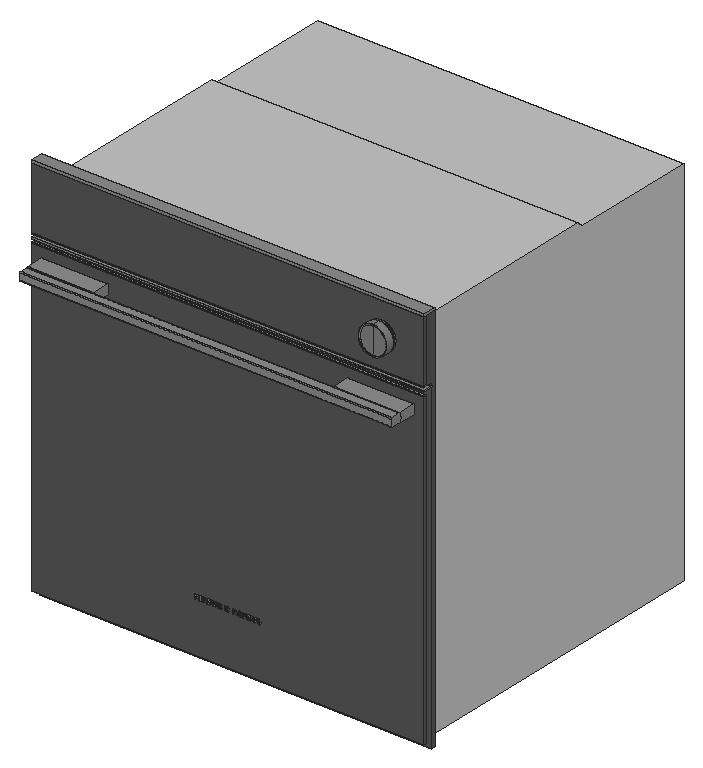
Revit family "FP-Revit19-en-OB24SMPTDB1-WallOven-0-90003137A-US-CA", category Specialty Equipment, Revit 2019
Family settings
  Round Connector Dimension = Use Diameter
  Part Type = Normal
  OmniClass Number = 23.40.40.14.17.11
  OmniClass Title = Cookers, Ovens, Stoves
  Work Plane-Based = No
  Always vertical = Yes
  Cut with Voids When Loaded = Yes
  Shared = No
  Room Calculation Point = No
Parameters (values of type "OB24SMPTDB1")
  Visibility - Clearance Required = yes
  URL = "www.fisherpaykel.com"
  Product - Height = 598 mm  # constant formula
  Product - Width = 596 mm  # constant formula
  Product - Depth (Exc. Handles) = 565 mm  # constant formula
  Opening - Height = 600 mm  # constant formula
  Model = "OB24SMPTDB1"
  Material - Trim = Fisher & Paykel - Aluminium, Dark
  Material - Structure = Fisher & Paykel - Black
  Material - Handle = Fisher & Paykel - Aluminium, Dark
  Material - Glass = Fisher & Paykel - Glass, Black
  Material - Buttons and Dials = Fisher & Paykel - Aluminium, Dark, Matt
  Material - Body = Fisher & Paykel - Grey
  Manufacturer = "Fisher & Paykel Appliances"
  FFL Offset [instance] = 915 mm
  Description = "Oven, 24\", 16 Function, Self-cleaning"
  Connector Description - Electrical = "208–240V, 60Hz, 16.6 - 19.4A"
  Chassis - Width = 556 mm  # constant formula
  Chassis - Height = 575 mm  # constant formula
  Chassis - Depth = 545 mm  # constant formula
  Cavity - Width = 560 mm  # constant formula
  Cavity - Height = 580 mm  # constant formula
  Cavity - Depth = 550 mm  # constant formula
Reference planes
  plane 1 "Datum": y = 0
  plane 2: z = -2
  plane 3 "Center (Left/Right)": x = 0
  plane 4 "Product - LHS": x = -298
  plane 5 "Product - RHS": x = 298
  plane 6 "Cavity - RHS": x = 280
  plane 7 "FFL Offset": z = 913
  plane 8 "Chassis - Depth": y = 545
  plane 9 "Front Face": y = -20
  plane 10 "Chassis - Height": z = 1488
  plane 11 "Cavity - Height": z = 1493
  plane 12 "Opening - Height": z = 1513
  plane 13 "Cavity - LHS": x = -280
  plane 14 "Cavity - Depth": y = 550
  plane 15 "Product - Height": z = 1511
  plane 16 "Opening - RHS": x = 300
  plane 17 "Opening - LHS": x = -300
  plane 18 "Chassis - RHS": x = 278
  plane 19 "Chassis - LHS": x = -278
Forms (mm)
  Extrusion 1, solid, material "Fisher & Paykel - Grey" <- "Material - Body"
    sketch origin (0, 0, 0) x (0, 1, 0) y (0, 0, 1)
      loop
        line (0, 1488) -> (0, 913) -> (528, 913) -> (528, 1103) -> (545, 1123) -> (545, 1318) -> (498, 1373) -> (498, 1481) -> (305, 1481) -> (298, 1488) -> (0, 1488)
    from -278 to 278
  Extrusion 2, solid, material "Fisher & Paykel - Black" <- "Material - Structure", detail levels fine
    sketch origin (0, 0, 0) x (0, 1, 0) y (0, 0, 1)
      loop
        line (0, 1507.7) -> (-16, 1507.7) -> (-16, 1411) -> (-4, 1411) -> (-4, 913) -> (0, 913) -> (0, 1507.7)
    from -298 to 298
  Extrusion 3, solid, material "Fisher & Paykel - Glass, Black" <- "Material - Glass", detail levels fine
    sketch origin (0, 0, -3) x (0, 1, 0) y (0, 0, 1)
      loop
        line (-20, 1401.4) -> (-20, 927.5) -> (-16, 927.5) -> (-16, 1401.4) -> (-20, 1401.4)
      loop
        line (-20, 1415.6) -> (-16, 1415.6) -> (-16, 1510.7) -> (-20, 1510.7) -> (-20, 1415.6)
    from -298 to 298
  Extrusion 4, solid, material "Fisher & Paykel - Black" <- "Material - Structure", detail levels fine
    sketch origin (0, 0, 0) x (0, 1, 0) y (0, 0, 1)
      loop
        line (-16, 924.5) -> (-4, 924.5) -> (-4, 1395.364) -> (-13.99, 1399) -> (-16, 1399) -> (-16, 924.5)
    from -268 to 268
  Extrusion 5, solid, material "Fisher & Paykel - Clearance Required", visible <- "Visibility - Clearance Required", detail levels coarse
    sketch origin (0, 0, -2) x (1, 0, 0) y (0, 1, 0)
      loop
        line (-280, 0) -> (280, 0) -> (280, 550) -> (-280, 550) -> (-280, 0)
    from 915 to 1495
  Extrusion 6, void
    sketch origin (0, 0, 0) x (0, 1, 0) y (0, 0, 1)
      loop
        line (-20, 913) -> (0, 913) -> (0, 1513) -> (-20, 1513) -> (-20, 913)
    from -300 to 300
  Extrusion 7, solid, material "Fisher & Paykel - Aluminium, Dark" <- "Material - Trim", detail levels fine
    sketch origin (0, 0, -1.199) x (0, 1, 0) y (0, 0, 1)
      loop
        line (-16, 1412.199) -> (-16, 1413.799) -> (-20, 1413.799) -> (-20, 1412.199) -> (-16, 1412.199)
      loop
        line (-16, 1399.599) -> (-16, 1401.199) -> (-20, 1401.199) -> (-20, 1399.599) -> (-16, 1399.599)
      loop
        line (-4, 1405.799) -> (-4, 1407.399) -> (-20, 1407.399) -> (-20, 1405.799) -> (-4, 1405.799)
      loop
        line (0, 1508.899) -> (0, 1512.199) -> (-20, 1512.199) -> (-20, 1508.899) -> (0, 1508.899)
    from -298 to 298
  Extrusion 8, void
    sketch origin (0, 0, -2) x (1, 0, 0) y (0, 1, 0)
      loop
        line (201.865, 545) -> (229, 498) -> (278, 498) -> (278, 545) -> (201.865, 545)
      loop
        line (-201.865, 545) -> (-278, 545) -> (-278, 498) -> (-229, 498) -> (-201.865, 545)
    from 915 to 1495
  Extrusion 9, void
    sketch origin (0, 0, -2) x (1, 0, 0) y (0, 1, 0)
      loop
        line (-280, 0) -> (280, 0) -> (280, 550) -> (-280, 550) -> (-280, 0)
    from 915 to 1495
  Extrusion 10, solid, material "Fisher & Paykel - Glass, Black" <- "Material - Glass", detail levels coarse+medium
    sketch origin (0, 0, 0) x (0, 1, 0) y (0, 0, 1)
      loop
        line (-20, 1511) -> (-20, 1411) -> (-4, 1411) -> (-4, 1395.364) -> (-13.99, 1399) -> (-16, 1399) -> (-16, 1400) -> (-20, 1400) -> (-20, 924.5) -> (-4, 924.5) -> (-4, 913) -> (0, 913) -> (0, 1511) -> (-20, 1511)
    from -298 to 298
  Extrusion 11, solid, material "Fisher & Paykel - Clearance Required", visible <- "Visibility - Clearance Required", detail levels coarse
    sketch origin (0, 0, 0) x (0, 1, 0) y (0, 0, 1)
      loop
        line (-20, 946.639) -> (-20, 913) -> (0, 913) -> (0, 1513) -> (-20, 1513) -> (-20, 1400)
        arc (-20, 1400) -> (-332.479, 1274.952) -> (-475.335, 970.203) r 458.415
        line (-475.335, 970.203) -> (-461.431, 969.484) -> (-463.168, 935.896) -> (-450.381, 935.235) -> (-448.645, 968.805) -> (-20, 946.639)
    from -300 to 300
Cuts and joins
  Extrusion 8 cuts Extrusion 1
Text (mm)
  text "Due to ongoing product development, product details are subject to change without notice. \nPlease always refer to www.fisherpaykel.com for the most current product information. \n© Fisher & Paykel 2020" at (41.04, -613.295, 0), in view "Ref. Level (Plan)"
Dimensions and locks
  equal spacing: plane 4 "Product - LHS", plane 3 "Center (Left/Right)", plane 5 "Product - RHS"
  "Product - Width": plane 4 "Product - LHS" to plane 5 "Product - RHS"
  "FFL Offset": plane 7 "FFL Offset" to level
  locked: plane 9 "Front Face" to plane 1 "Datum" at 20
  "Cavity - Height": plane 11 "Cavity - Height" to plane 7 "FFL Offset"
  "Chassis - Height": plane 10 "Chassis - Height" to plane 7 "FFL Offset"
  "Cavity - Depth": plane 1 "Datum" to plane 14 "Cavity - Depth"
  "Cavity - Width": plane 13 "Cavity - LHS" to plane 6 "Cavity - RHS"
  Extrusion 6 to Extrusion 3 = 11.5 mm
  "Chassis - Depth": plane 1 "Datum" to plane 8 "Chassis - Depth"
  equal spacing: plane 13 "Cavity - LHS", plane 3 "Center (Left/Right)", plane 6 "Cavity - RHS"
  "Opening - Height": plane 7 "FFL Offset" to plane 12 "Opening - Height"
  "Product - Height": plane 7 "FFL Offset" to plane 15 "Product - Height"
  equal spacing: cut or joined group of Extrusion 1, Extrusion 8, plane 3 "Center (Left/Right)", cut or joined group of Extrusion 1, Extrusion 8
  "Chassis - Width": cut or joined group of Extrusion 1, Extrusion 8 to cut or joined group of Extrusion 1, Extrusion 8
  locked: nested 1 to plane 15 "Product - Height" at 129.028
  locked: plane 15 "Product - Height" to nested 3 at 502.847
  plane 9 "Front Face" to plane 8 "Chassis - Depth" = 565 mm
  locked: nested 4 to plane 15 "Product - Height" at 52.15
  locked: nested 2 to plane 15 "Product - Height" at 135
  aligned and locked: level to plane 2
  aligned and locked: plane 4 "Product - LHS" to Extrusion 3
  aligned and locked: Extrusion 3 to plane 5 "Product - RHS"
  aligned and locked: plane 4 "Product - LHS" to Extrusion 2
  aligned and locked: Extrusion 2 to plane 5 "Product - RHS"
  aligned and locked: Extrusion 1 to plane 7 "FFL Offset"
  aligned and locked: Extrusion 7 to plane 5 "Product - RHS"
  aligned and locked: Extrusion 7 to Extrusion 3  (x2)
  aligned and locked: Extrusion 6 to Extrusion 3  (x2)
  aligned and locked: Extrusion 3 to Extrusion 7
  aligned and locked: Extrusion 4 to Extrusion 3
  aligned and locked: Extrusion 4 to Extrusion 2
  aligned and locked: Extrusion 7 to plane 1 "Datum"
  aligned and locked: plane 9 "Front Face" to Extrusion 6
  aligned and locked: Extrusion 5 to plane 6 "Cavity - RHS"
  aligned and locked: plane 11 "Cavity - Height" to Extrusion 5
  aligned and locked: Extrusion 6 to plane 12 "Opening - Height"
  aligned and locked: Extrusion 6 to Extrusion 2
  aligned and locked: Extrusion 7 to plane 15 "Product - Height"
  aligned and locked: Extrusion 7 to Extrusion 2
  aligned and locked: Extrusion 8 to Extrusion 1
  aligned and locked: Extrusion 5 to Extrusion 2
  aligned and locked: Extrusion 5 to plane 7 "FFL Offset"
  aligned and locked: Extrusion 5 to Extrusion 8
  aligned and locked: Extrusion 1 to Extrusion 8
  aligned and locked: Extrusion 9 to Extrusion 5
  aligned and locked: Extrusion 2 to Extrusion 9
  aligned and locked: Extrusion 6 to plane 7 "FFL Offset"
  aligned and locked: Extrusion 2 to plane 7 "FFL Offset"
  aligned and locked: plane 4 "Product - LHS" to Extrusion 10
  aligned and locked: Extrusion 10 to plane 15 "Product - Height"
  aligned and locked: Extrusion 3 to Extrusion 4
  aligned and locked: Extrusion 10 to plane 5 "Product - RHS"
  aligned and locked: Extrusion 10 to Extrusion 2
Automatic sketch dimensions
  Extrusion 1 sketch curve to plane 1 "Datum" = 0 mm
  Extrusion 1 sketch curve to plane 10 "Chassis - Height" = 0 mm
  Extrusion 1 sketch curve to plane 7 "FFL Offset" = 0 mm
  Extrusion 1 sketch curve to plane 8 "Chassis - Depth" = 0 mm
  Extrusion 1 sketch curve to Extrusion 1 sketch curve = 7 mm
  Extrusion 1 sketch curve to plane 10 "Chassis - Height" = 7 mm
  plane 7 "FFL Offset" to Extrusion 1 sketch curve = 190 mm
  Extrusion 1 sketch curve to Extrusion 1 sketch curve = 20 mm
  Extrusion 1 sketch curve to Extrusion 1 sketch curve = 163 mm
  Extrusion 1 sketch curve to Extrusion 1 sketch curve = 55 mm
  Extrusion 2 sketch curve to plane 7 "FFL Offset" = 0 mm
  Extrusion 2 sketch curve to plane 1 "Datum" = 0 mm
  plane 1 "Datum" to Extrusion 2 sketch curve = 4 mm
  Extrusion 2 sketch curve to plane 9 "Front Face" = 4 mm
  Extrusion 2 sketch curve to plane 10 "Chassis - Height" = 77 mm
  plane 15 "Product - Height" to Extrusion 2 sketch curve = 3.3 mm
  Extrusion 3 sketch curve to plane 9 "Front Face" = 0 mm  (x2)
  Extrusion 3 sketch curve to Extrusion 3 sketch curve = 4 mm  (x2)
  plane 7 "FFL Offset" to Extrusion 3 sketch curve = 11.5 mm
  Extrusion 3 sketch curve to plane 10 "Chassis - Height" = 89.6 mm
  Extrusion 3 sketch curve to Extrusion 3 sketch curve = 14.2 mm
  plane 15 "Product - Height" to Extrusion 3 sketch curve = 3.3 mm
  Extrusion 4 sketch curve to plane 9 "Front Face" = 4 mm
  Extrusion 4 sketch curve to Extrusion 4 sketch curve = 2.01 mm
  plane 1 "Datum" to Extrusion 4 sketch curve = 4 mm
  plane 7 "FFL Offset" to Extrusion 4 sketch curve = 11.5 mm
  Extrusion 4 sketch curve to plane 10 "Chassis - Height" = 92.636 mm
  Extrusion 4 sketch curve to Extrusion 4 sketch curve = 3.636 mm
  Extrusion 5 sketch curve to plane 13 "Cavity - LHS" = 0 mm
  Extrusion 5 sketch curve to plane 6 "Cavity - RHS" = 0 mm
  plane 1 "Datum" to Extrusion 5 sketch curve = 0 mm
  Extrusion 5 sketch curve to plane 14 "Cavity - Depth" = 0 mm
  Extrusion 6 sketch curve to plane 9 "Front Face" = 0 mm
  Extrusion 6 sketch curve to plane 1 "Datum" = 0 mm
  Extrusion 6 sketch curve to plane 7 "FFL Offset" = 0 mm
  plane 12 "Opening - Height" to Extrusion 6 sketch curve = 0 mm
  Extrusion 7 sketch curve to plane 9 "Front Face" = 0 mm  (x4)
  Extrusion 7 sketch curve to plane 1 "Datum" = 0 mm
  plane 15 "Product - Height" to Extrusion 7 sketch curve = 0 mm
  Extrusion 7 sketch curve to Extrusion 7 sketch curve = 4 mm  (x2)
  plane 1 "Datum" to Extrusion 7 sketch curve = 4 mm
  plane 15 "Product - Height" to Extrusion 7 sketch curve = 3.3 mm
  Extrusion 7 sketch curve to plane 10 "Chassis - Height" = 75.4 mm
  Extrusion 7 sketch curve to Extrusion 7 sketch curve = 1.6 mm  (x3)
  Extrusion 7 sketch curve to Extrusion 7 sketch curve = 4.8 mm
  Extrusion 7 sketch curve to Extrusion 7 sketch curve = 4.6 mm
  Extrusion 8 sketch curve to plane 8 "Chassis - Depth" = 0 mm  (x2)
  Extrusion 8 sketch curve to plane 19 "Chassis - LHS" = 0 mm
  Extrusion 8 sketch curve to plane 18 "Chassis - RHS" = 0 mm
  Extrusion 8 sketch curve to Extrusion 8 sketch curve = 49 mm  (x2)
  Extrusion 8 sketch curve to Extrusion 8 sketch curve = 27.135 mm
  Extrusion 8 sketch curve to Extrusion 8 sketch curve = 76.135 mm
  Extrusion 9 sketch curve to plane 13 "Cavity - LHS" = 0 mm
  Extrusion 9 sketch curve to plane 6 "Cavity - RHS" = 0 mm
  plane 1 "Datum" to Extrusion 9 sketch curve = 0 mm
  Extrusion 9 sketch curve to plane 14 "Cavity - Depth" = 0 mm
  Extrusion 10 sketch curve to plane 9 "Front Face" = 0 mm  (x2)
  Extrusion 10 sketch curve to plane 7 "FFL Offset" = 0 mm
  Extrusion 10 sketch curve to plane 1 "Datum" = 0 mm
  plane 15 "Product - Height" to Extrusion 10 sketch curve = 0 mm
  Extrusion 10 sketch curve to plane 9 "Front Face" = 4 mm
  Extrusion 10 sketch curve to Extrusion 10 sketch curve = 2.01 mm
  plane 1 "Datum" to Extrusion 10 sketch curve = 4 mm  (x2)
  Extrusion 10 sketch curve to Extrusion 10 sketch curve = 11.5 mm
  Extrusion 10 sketch curve to plane 10 "Chassis - Height" = 92.636 mm
  Extrusion 10 sketch curve to Extrusion 10 sketch curve = 3.636 mm
  Extrusion 10 sketch curve to Extrusion 10 sketch curve = 1 mm
  Extrusion 10 sketch curve to Extrusion 10 sketch curve = 12 mm
  plane 9 "Front Face" to Extrusion 11 sketch curve = 455.335 mm
  plane 12 "Opening - Height" to Extrusion 11 sketch curve = 577.104 mm
  Extrusion 11 sketch curve to Extrusion 11 sketch curve = 12.167 mm
  plane 12 "Opening - Height" to Extrusion 11 sketch curve = 543.516 mm
  Extrusion 11 sketch curve to Extrusion 11 sketch curve = 13.904 mm
  plane 12 "Opening - Height" to Extrusion 11 sketch curve = 577.765 mm
  plane 12 "Opening - Height" to Extrusion 11 sketch curve = 544.195 mm
  plane 9 "Front Face" to Extrusion 11 sketch curve = 0 mm  (x2)
  Extrusion 11 sketch curve to Extrusion 11 sketch curve = 2.186 mm
  Extrusion 11 sketch curve to Extrusion 11 sketch curve = 20 mm
  Extrusion 11 sketch curve to Extrusion 11 sketch curve = 33.639 mm
  Extrusion 11 sketch curve to Extrusion 11 sketch curve = 5.049 mm
  Extrusion 11 sketch curve to Extrusion 11 sketch curve = 113 mm
  Extrusion 1 sketch curve to plane 8 "Chassis - Depth" = 247 mm
  Extrusion 1 sketch curve to plane 8 "Chassis - Depth" = 47 mm
  Extrusion 1 sketch curve to plane 8 "Chassis - Depth" = 17 mm
  Extrusion 8 sketch curve to plane 8 "Chassis - Depth" = 47 mm  (x2)
Nested families
  nested 1: "F&P Power Connection Oven" at (-238.509, 523.004, 1424) x (0, -1, 0) z (0, 0, 1), type "F&P Power Connection Oven"
  nested 2: "F&P Handle Contemporary Square Fine OB60-24" at (0, -20, 1376.022), type "Aluminium Black"
  nested 3: "F&P Logo 100mm" at (0.044, -20, 1002), type "Grey"
  nested 4: "F&P Dial Minimal Oven" at (233, -20, 1458.95), type "F&P Dial Minimal Oven"
Connectors
  electrical at (-238.509, 498, 1424), driven by "Connector Description - Electrical"
    settings: on nested 1, index 1, voltage 120 V, apparent load 0 VA, apparent load phase1 0 VA, apparent load phase2 0 VA, apparent load phase3 0 VA, power factor 1, load classification "Other", number of poles 1, system type 30, power factor state 1, is connector primary yes, connector utility no, sub classification motor no, connector description "208–240V, 60Hz, 16.6 - 19.4A"
Definition of nested family "F&P Power Connection Oven"
  Parameters (values of type "F&P Power Connection Cooktop")
    URL = "www.fisherpaykel.com"
    Model = ""
    Material - Body = none
    Manufacturer = "Fisher & Paykel Appliances"
    Description = ""
  Reference planes
    plane 1 "Center (Front/Back)": y = 0
    plane 2: z = 0
    plane 3 "Center (Left/Right)": x = 0
    plane 4 "Cable": y = 0
  Forms (mm)
    Revolve 1, solid, material <- "Material - Body"
      sketch origin (-0.023, -399.847, 84.822) x (0, 1, 0) y (0, 0, -1)
        loop
          line (399.847, 73.156) -> (399.847, 126.85) -> (388.182, 126.85) -> (388.182, 84.821)
          arc (388.182, 84.821) -> (391.598, 76.573) -> (399.847, 73.156) r 11.665
        axis (399.847, 73.156) -> (399.847, 126.85)
      angle from 0 to 360
    Revolve 2, solid, material <- "Material - Body"
      sketch origin (399.232, 0, 534.575) x (-1, 0, 0) y (0, 0, 1)
        loop
          line (374.229, -522.91) -> (374.229, -534.575) -> (410.733, -534.575)
          arc (410.733, -534.575) -> (407.312, -526.326) -> (399.061, -522.91) r 11.672
          line (399.061, -522.91) -> (374.229, -522.91)
        axis (374.229, -534.575) -> (410.733, -534.575)
      angle from 0 to 360
    Revolve 3, solid, material <- "Material - Body", detail levels fine
      sketch origin (0, 0.009, -36.5) x (1, 0, 0) y (0, -1, 0)
        loop
          line (-6, -15.491) -> (9, -15.491) -> (9, -13.132) -> (-4, -13.132) -> (-4, -11.491) -> (-6, -11.491) -> (-6, -15.491)
        axis (-6, -15.491) -> (9, -15.491)
      angle from 0 to 360
    Extrusion 4, solid, material <- "Material - Body", detail levels fine
      sketch origin (0, 0.206, -626.022) x (0, 1, 0) y (0, 0, 1)
        loop
          line (-10.988, 595.022) -> (-15.706, 595.022)
          arc (-15.706, 595.022) -> (-21.206, 589.522) -> (-15.706, 584.022) r 5.5
          line (-15.706, 584.022) -> (-10.988, 584.022) -> (-10.988, 595.022)
      from -4 to 0
    Extrusion 5, solid, material <- "Material - Body", detail levels fine
      sketch origin (0, -0.206, -626.022) x (0, -1, 0) y (0, 0, -1)
        loop
          line (-11.044, -595.022) -> (-11.044, -584.022) -> (-15.706, -584.022)
          arc (-15.706, -584.022) -> (-21.206, -589.522) -> (-15.706, -595.022) r 5.5
          line (-15.706, -595.022) -> (-11.044, -595.022)
      from -4 to 0
    Revolve 6, solid, material <- "Material - Body", detail levels fine
      sketch origin (0, -0.009, -36.5) x (1, 0, 0) y (0, 1, 0)
        loop
          line (-6, -15.491) -> (9, -15.491) -> (9, -13.132) -> (-4, -13.132) -> (-4, -11.491) -> (-6, -11.491) -> (-6, -15.491)
        axis (-6, -15.491) -> (9, -15.491)
      angle from 0 to 360
  Text (mm)
    text "Due to ongoing product development, product details are subject to change without notice. \nPlease always refer to www.fisherpaykel.com for the most current product information. \n© Fisher & Paykel 2020" at (41.04, -387.478, 0), in view "Ref. Level (Plan)"
  Dimensions and locks
    aligned and locked: level to plane 2
Definition of nested family "F&P Handle Contemporary Square Fine OB60-24"
  Parameters (values of type "Aluminium Black")
    URL = "www.fisherpaykel.com"
    Material - Handle = none
    Manufacturer = "Fisher & Paykel Appliances"
    Handle - Length = 565 mm
  Reference planes
    plane 1 "Center (Front/Back)": y = 0
    plane 2: z = 0
    plane 3 "Center (Left/Right)": x = 0
    plane 4 "Product LHS": x = -282.5
    plane 5 "Product RHS": x = 282.5
    plane 6 "LHS Standoff": x = -182.495
    plane 7 "RHS Standoff": x = 182.505
    plane 8 "Handle centre": z = -0.022
    plane 9: z = -0.022
  Forms (mm)
    Extrusion 1, solid, material <- "Material - Handle", detail levels fine
      sketch origin (0, 0, 0) x (0, 1, 0) y (0, 0, 1)
        loop
          arc (-26.813, 6.16) -> (-27.196, 6.554) -> (-27.728, 6.686) r 1
          line (-27.728, 6.686) -> (-40.035, 6.256)
          arc (-40.035, 6.256) -> (-40.719, 5.951) -> (-41, 5.257) r 1
          line (-41, 5.257) -> (-41, -5.257)
          arc (-41, -5.257) -> (-40.719, -5.951) -> (-40.035, -6.256) r 1
          line (-40.035, -6.256) -> (-27.709, -6.686)
          arc (-27.709, -6.686) -> (-27.175, -6.554) -> (-26.792, -6.158) r 1
          arc (-26.792, -6.158) -> (-25.256, 0.004) -> (-26.813, 6.16) r 13.038
      from -282.5 to 282.5
    Extrusion 2, solid, material <- "Material - Handle", detail levels fine
      sketch origin (0, 0, 0) x (0, 1, 0) y (0, 0, 1)
        loop
          arc (-26.626, -6.008) -> (-26.614, -6.49) -> (-26.2, -6.737) r 0.5
          line (-26.2, -6.737) -> (0, -7.696) -> (0, 7.704) -> (-26.174, 6.747)
          arc (-26.174, 6.747) -> (-26.587, 6.5) -> (-26.6, 6.019) r 0.5
          arc (-26.6, 6.019) -> (-25.156, 0.002) -> (-26.626, -6.008) r 13.136
      from 182.505 to 282.5
    Extrusion 3, solid, material <- "Material - Handle", detail levels coarse+medium
      sketch origin (0, 0, 0) x (1, 0, 0) y (0, 1, 0)
        loop
          line (-282.5, -42) -> (282.5, -42) -> (282.5, 0) -> (182.505, 0) -> (182.505, -26.156) -> (-182.495, -26.156) -> (-182.495, 0) -> (-282.5, 0) -> (-282.5, -42)
      from -8.022 to 7.978
    Extrusion 4, solid, material <- "Material - Handle", detail levels fine
      sketch origin (0, 0, 0) x (0, 1, 0) y (0, 0, 1)
        loop
          arc (-26.626, -6.008) -> (-26.614, -6.49) -> (-26.2, -6.737) r 0.5
          line (-26.2, -6.737) -> (0, -7.696) -> (0, 7.704) -> (-26.174, 6.747)
          arc (-26.174, 6.747) -> (-26.587, 6.5) -> (-26.6, 6.019) r 0.5
          arc (-26.6, 6.019) -> (-25.156, 0.002) -> (-26.626, -6.008) r 13.136
      from -282.5 to -182.495
  Dimensions and locks
    equal spacing: plane 4 "Product LHS", plane 3 "Center (Left/Right)", plane 5 "Product RHS"
    "Handle - Length": plane 4 "Product LHS" to plane 5 "Product RHS"
    locked: plane 4 "Product LHS" to plane 6 "LHS Standoff" at 100.005
    locked: plane 7 "RHS Standoff" to plane 5 "Product RHS" at 99.995
    aligned and locked: level to plane 2
    aligned and locked: Extrusion 1 to plane 5 "Product RHS"
    aligned and locked: plane 4 "Product LHS" to Extrusion 1
    aligned and locked: Extrusion 2 to plane 5 "Product RHS"
    aligned and locked: plane 4 "Product LHS" to Extrusion 3 sketch curve
    aligned and locked: Extrusion 3 sketch curve to plane 5 "Product RHS"
    aligned and locked: Extrusion 3 sketch curve to plane 7 "RHS Standoff"
    aligned and locked: plane 6 "LHS Standoff" to Extrusion 3 sketch curve
    aligned and locked: plane 4 "Product LHS" to Extrusion 4
    aligned and locked: plane 6 "LHS Standoff" to Extrusion 4
    aligned and locked: Extrusion 2 to plane 7 "RHS Standoff"
  Automatic sketch dimensions
    Extrusion 1 sketch curve to level = 5.257 mm
    plane 1 "Center (Front/Back)" to Extrusion 1 sketch curve = 41 mm
    level to Extrusion 1 sketch curve = 6.256 mm
    Extrusion 1 sketch curve to Extrusion 1 sketch curve = 0.965 mm  (x2)
    Extrusion 1 sketch curve to level = 6.256 mm
    Extrusion 1 sketch curve to Extrusion 1 sketch curve = 0.035 mm  (x3)
    Extrusion 1 sketch curve to level = 0.018 mm
    Extrusion 1 sketch curve to Extrusion 1 sketch curve = 1.706 mm
    level to Extrusion 1 sketch curve = 6.686 mm
    Extrusion 1 sketch curve to Extrusion 1 sketch curve = 12.307 mm
    Extrusion 1 sketch curve to level = 6.686 mm
    Extrusion 1 sketch curve to Extrusion 1 sketch curve = 12.326 mm
    Extrusion 1 sketch curve to Extrusion 1 sketch curve = 0.999 mm  (x2)
    Extrusion 1 sketch curve to Extrusion 1 sketch curve = 0 mm
    Extrusion 2 sketch curve to plane 1 "Center (Front/Back)" = 0 mm
    level to Extrusion 2 sketch curve = 6.247 mm
    plane 1 "Center (Front/Back)" to Extrusion 2 sketch curve = 26.155 mm
    level to Extrusion 2 sketch curve = 6.747 mm
    Extrusion 2 sketch curve to Extrusion 2 sketch curve = 0.018 mm  (x2)
    Extrusion 2 sketch curve to level = 6.238 mm
    Extrusion 2 sketch curve to Extrusion 2 sketch curve = 0.026 mm
    Extrusion 2 sketch curve to level = 6.737 mm
    level to Extrusion 2 sketch curve = 0.03 mm
    Extrusion 2 sketch curve to Extrusion 2 sketch curve = 12.11 mm
    Extrusion 2 sketch curve to level = 7.696 mm
    level to Extrusion 2 sketch curve = 7.704 mm
    Extrusion 2 sketch curve to Extrusion 2 sketch curve = 0 mm
    plane 1 "Center (Front/Back)" to Extrusion 3 sketch curve = 42 mm
    Extrusion 3 sketch curve to Extrusion 3 sketch curve = 15.844 mm
    Extrusion 3 sketch curve to Extrusion 3 sketch curve = 26.156 mm  (x2)
    level to Extrusion 4 sketch curve = 0.03 mm
    plane 1 "Center (Front/Back)" to Extrusion 4 sketch curve = 38.291 mm
    Extrusion 4 sketch curve to level = 6.737 mm
    Extrusion 4 sketch curve to Extrusion 4 sketch curve = 12.091 mm
    Extrusion 4 sketch curve to Extrusion 4 sketch curve = 0.018 mm  (x2)
    level to Extrusion 4 sketch curve = 6.747 mm
    Extrusion 4 sketch curve to Extrusion 4 sketch curve = 0.008 mm
    level to Extrusion 4 sketch curve = 7.704 mm
    Extrusion 4 sketch curve to Extrusion 4 sketch curve = 26.174 mm
    Extrusion 4 sketch curve to level = 7.696 mm
    Extrusion 4 sketch curve to Extrusion 4 sketch curve = 0.5 mm  (x2)
    Extrusion 4 sketch curve to Extrusion 4 sketch curve = 0 mm
Definition of nested family "F&P Logo 100mm"
  Parameters (values of type "Grey")
    URL = "www.fisherpaykel.com"
    Material - Logo = none
    Manufacturer = "Fisher & Paykel Appliances"
  Reference planes
    plane 1 "Center (Front/Back)": y = 0
    plane 2: z = 0
    plane 3 "Center (Left/Right)": x = 0
  Forms (mm)
    Extrusion 1, solid, material <- "Material - Logo", detail levels fine
      sketch origin (0, 0, 0) x (1, 0, 0) y (0, 0, 1)
        loop
          line (-50.044, 0) -> (-48.47, 0) -> (-48.47, 2.138) -> (-46.011, 2.138) -> (-46.011, 3.472) -> (-48.47, 3.472) -> (-48.47, 4.712) -> (-45.795, 4.712) -> (-45.795, 6.04) -> (-50.044, 6.04) -> (-50.044, 0)
        loop
          line (-42.804, 6.04) -> (-42.804, 0) -> (-41.23, 0) -> (-41.23, 6.04) -> (-42.804, 6.04)
        loop
          line (-30.724, 6.04) -> (-30.724, 0) -> (-29.151, 0) -> (-29.151, 2.42) -> (-26.839, 2.42) -> (-26.839, 0) -> (-25.265, 0) -> (-25.265, 6.04) -> (-26.839, 6.04) -> (-26.839, 3.748) -> (-29.151, 3.748) -> (-29.151, 6.04) -> (-30.724, 6.04)
        loop
          line (-21.906, 6.04) -> (-21.906, 0) -> (-17.602, 0) -> (-17.602, 1.328) -> (-20.347, 1.328) -> (-20.347, 2.42) -> (-17.838, 2.42) -> (-17.838, 3.748) -> (-20.347, 3.748) -> (-20.347, 4.712) -> (-17.602, 4.712) -> (-17.602, 6.04) -> (-21.906, 6.04)
        loop
          line (45.667, 6.04) -> (45.667, 0) -> (49.956, 0) -> (49.956, 1.328) -> (47.241, 1.328) -> (47.241, 6.04) -> (45.667, 6.04)
        loop
          line (42.431, 6.04) -> (38.112, 6.04) -> (38.112, 0) -> (42.431, 0) -> (42.431, 1.328) -> (39.687, 1.328) -> (39.687, 2.42) -> (42.195, 2.42) -> (42.195, 3.748) -> (39.687, 3.748) -> (39.687, 4.712) -> (42.431, 4.712) -> (42.431, 6.04)
        loop
          line (33.451, 3.148) -> (35.683, 6.04) -> (33.844, 6.04) -> (31.915, 3.542) -> (31.915, 6.04) -> (30.342, 6.04) -> (30.342, 0) -> (31.915, 0) -> (31.915, 2.705) -> (33.903, 0) -> (35.763, 0) -> (33.451, 3.148)
        loop
          line (21.98, 6.04) -> (24.262, 2.42) -> (24.262, 0) -> (25.837, 0) -> (25.837, 2.341) -> (28.119, 6.04) -> (26.446, 6.04) -> (25.099, 3.707) -> (23.753, 6.04) -> (21.98, 6.04)
        loop
          line (18.479, 6.04) -> (16.983, 6.04) -> (14.524, 0) -> (16.069, 0) -> (16.501, 1.112) -> (18.921, 1.112) -> (19.354, 0) -> (20.938, 0) -> (18.479, 6.04)
        loop
          line (18.4, 2.439) -> (17.693, 4.174) -> (17.018, 2.439) -> (18.4, 2.439)
        loop
          line (8.031, 6.04) -> (8.031, 0) -> (9.605, 0) -> (9.605, 1.938) -> (10.599, 1.938)
          arc (10.599, 1.938) -> (12.65, 3.989) -> (10.599, 6.04) r 2.051
          line (10.599, 6.04) -> (8.031, 6.04)
        loop
          line (9.605, 4.712) -> (9.605, 3.197) -> (10.501, 3.197)
          arc (10.501, 3.197) -> (11.259, 3.954) -> (10.501, 4.712) r 0.757
          line (10.501, 4.712) -> (9.605, 4.712)
        loop
          line (-11.783, 6.04) -> (-14.366, 6.04) -> (-14.366, 0) -> (-12.792, 0) -> (-12.792, 1.336) -> (-11.992, 1.336) -> (-10.972, 0) -> (-9.153, 0) -> (-10.694, 1.973)
          arc (-10.694, 1.973) -> (-9.678, 4.424) -> (-11.783, 6.04) r 2.179
        loop
          line (-11.897, 4.712) -> (-12.792, 4.712) -> (-12.792, 3.053) -> (-11.897, 3.053)
          arc (-11.897, 3.053) -> (-11.068, 3.882) -> (-11.897, 4.712) r 0.83
        loop
          line (0.477, 4.712) -> (0.477, 6.153) -> (-3.575, 6.153) -> (-3.575, 4.851) -> (-2.974, 4.112)
          arc (-2.974, 4.112) -> (-3.51, 0.684) -> (-0.045, 0.512) r 2.334
          line (-0.045, 0.512) -> (0.46, -0.109) -> (2.246, -0.109) -> (0.86, 1.594) -> (2.061, 3.324) -> (0.443, 3.324) -> (-0.013, 2.667) -> (-1.677, 4.712) -> (0.477, 4.712)
        loop
          arc (-2.125, 3.068) -> (-2.269, 1.668) -> (-0.868, 1.524) r 0.996
          line (-0.868, 1.524) -> (-2.125, 3.068)
        loop
          line (-35.18, 3.634) -> (-36.516, 3.91)
          arc (-36.516, 3.91) -> (-37.049, 4.443) -> (-36.516, 4.976) r 0.533
          arc (-36.516, 4.976) -> (-35.235, 4.79) -> (-34.059, 4.248) r 4.505
          line (-34.059, 4.248) -> (-34.059, 5.743)
          arc (-34.059, 5.743) -> (-35.549, 6.179) -> (-37.1, 6.109) r 4.726
          arc (-37.1, 6.109) -> (-38.536, 4.335) -> (-37.1, 2.561) r 1.814
          line (-37.1, 2.561) -> (-35.754, 2.282)
          arc (-35.754, 2.282) -> (-35.221, 1.749) -> (-35.754, 1.216) r 0.533
          arc (-35.754, 1.216) -> (-37.035, 1.402) -> (-38.211, 1.945) r 4.505
          line (-38.211, 1.945) -> (-38.211, 0.449)
          arc (-38.211, 0.449) -> (-36.72, 0.013) -> (-35.169, 0.083) r 4.726
          arc (-35.169, 0.083) -> (-33.734, 1.863) -> (-35.18, 3.634) r 1.814
      from 0 to 0.8
  Dimensions and locks
    aligned and locked: level to plane 2
Definition of nested family "F&P Dial Minimal Oven"
  Parameters (values of type "F&P Dial Minimal Oven")
    URL = "www.fisherpaykel.com"
    Material - Buttons and Dials = none
    Manufacturer = "Fisher & Paykel Appliances"
  Reference planes
    plane 1 "Center (Front/Back)": y = 0
    plane 2: z = 0
    plane 3 "Center (Left/Right)": x = 0
    plane 4: x = 0
    plane 5 "Dial": z = 0
  Forms (mm)
    Revolve 1, solid, material <- "Material - Buttons and Dials", detail levels fine
      sketch origin (0, 0, 0) x (0, 1, 0) y (0, 0, 1)
        loop
          line (-15.2, 0) -> (0, 0) -> (0, 22) -> (-0.8, 22) -> (-0.8, 18.5) -> (-4.2, 18.5) -> (-4.2, 20.136) -> (-4.7, 22) -> (-15.8, 22) -> (-15.8, 21.2) -> (-15.301, 20) -> (-15.301, 0)
        axis (-15.8, 0) -> (0, 0)
      angle from 0 to 360
    Revolve 2, solid, material <- "Material - Buttons and Dials", detail levels coarse+medium
      sketch origin (0, 0, 0) x (0, 1, 0) y (0, 0, 1)
        loop
          line (0, 18.5) -> (-4.2, 18.5) -> (-4.2, 22) -> (-15.8, 22) -> (-15.8, 0) -> (0, 0) -> (0, 18.5)
        axis (-15.8, 0) -> (0, 0)
      angle from 0 to 360
  Dimensions and locks
    aligned and locked: level to plane 2
